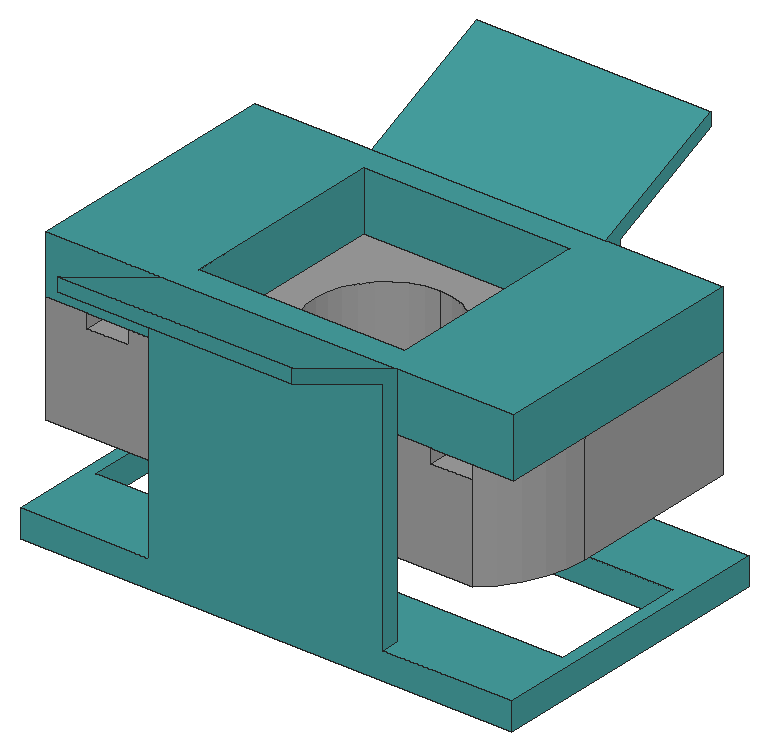
Revit family "HVAC_HangingSystems_Walraven_BIS_RapidStrut_Slide_Nut_with_Plastic_Tabs_(BUP1000)", category Mechanical Equipment, Revit 2016
Family settings
  Part Type = Normal
  Round Connector Dimension = Use Diameter
  OmniClass Number = 23.60.30.11.17
  OmniClass Title = Pipework/Ductwork Mechanical Fasteners/Supports
  Work Plane-Based = Yes
  Always vertical = No
  Cut with Voids When Loaded = No
  Shared = No
  Room Calculation Point = No
Parameters (values of type "M10")
  type_index = 3
  s [instance] = size_lookup(lookup_table_name, "s", 0 mm, type_index)  # 8 mm
  region_index = 1  # constant formula
  product_index [instance] = size_lookup(lookup_table_name, "pi", 0, type_index, M)  # 203
  lookup_table_name [instance] = "BIS RapidStrut Slide Nut with Plastic Tabs (BUP1000)"  # constant formula
  l_groove [instance] = 31 mm  # constant formula
  desc_uk [instance] = if(product_index = 204, "BIS RapidStrut Slide Nut with Plastic Tabs (BUP1000) M12", if(product_index = 203, "BIS RapidStrut Slide Nut with Plastic Tabs (BUP1000) M10", if(product_index = 202, "BIS RapidStrut Slide Nut with Plastic Tabs (BUP1000) M8", if(product_index = 201, "BIS RapidStrut Slide Nut with Plastic Tabs (BUP1000) M6", "0"))))  # "BIS RapidStrut Slide Nut with Plastic Tabs (BUP1000) M10"
  desc_nl [instance] = if(product_index = 204, "BIS RapidStrut Vleugelschuifmoer (BUP1000) M12", if(product_index = 203, "BIS RapidStrut Vleugelschuifmoer (BUP1000) M10", if(product_index = 202, "BIS RapidStrut Vleugelschuifmoer (BUP1000) M8", if(product_index = 201, "BIS RapidStrut Vleugelschuifmoer (BUP1000) M6", "0"))))  # "BIS RapidStrut Vleugelschuifmoer (BUP1000) M10"
  b_groove [instance] = 3 mm  # constant formula
  b1 [instance] = 12.5 mm  # constant formula
  Youtube clip = ""
  Weight Net (Kg) = "0"
  Uniformat II Description = ""
  Uniformat II Code = ""
  Uniclass 2015 Name = ""
  Uniclass 2015 Code = ""
  Uniclass 2.0 Description = ""
  Uniclass 2.0 Code = ""
  Uniclass 1.4 Description = ""
  Uniclass 1.4 Code = ""
  URL = "https://www.walraven.com/en/?pid=2288"
  UNSPSC Code = ""
  Technical description = "https://library.walraven.com/repository/rnd/documents/EN-UK/BIS%20RapidStrut%C2%AE%20Slide%20Nut%20with%20Plastic%20Tabs%20(BUP1000)%20-%20H%2024%2035%20(EN-UK).pdf"
  Region South America = "None"
  Region Oceania = "AU"
  Region North America = "US"
  Region Middle East = "AE, OM, QA, SA"
  Region Europe = "BE, CZ, DE, DK, ES, FR, GB, HR, HU, LT, LV, NL, NO, PL, RO, RU, SE, SK, UA"
  Region Asia = "CN, IN"
  Region Antarctica = "None"
  Region Africa = "ZA"
  RSen_S_max_allowed_load [instance] = size_lookup(lookup_table_name, "load", 0 mm, type_index) / 1 mm  # 9500
  RSen_S_max_torque [instance] = size_lookup(lookup_table_name, "torque", 0 mm, type_index) / 1 mm  # 15
  RSen_S_net_weight [instance] = size_lookup(lookup_table_name, "weight", 0 mm, type_index) / 1 mm * 1.00 kg  # 0.038 kg
  RSen_C_product_description [instance] = if(region_index = 1, desc_uk, if(region_index = 2, desc_nl, "0"))  # "BIS RapidStrut Slide Nut with Plastic Tabs (BUP1000) M10"
  QR code = "http://bimobject.com/walraven/product/bis-rapidstrut-slide-nut-with-plastic-tabs-bup1000"
  Product url = "https://www.walraven.com/en/?pid=2288"
  Product group = "Slide Nuts"
  Product family = "Rail Systems"
  Product data url = "https://bimobject.com/walraven/product/bis-rapidstrut-slide-nut-with-plastic-tabs-bup1000"
  Product certification = ""
  Product SKU = "bis-rapidstrut-slide-nut-with-plastic-tabs-bup1000"
  Product Guid = "ebcee931-a172-4643-a88d-50364ce17fa8"
  OmniClass Description = "Mechanical Pipe Supports"
  OmniClass Code = "23-27 43 13"
  Nominal width = 0 mm
  Nominal height = 0 mm
  NLRS_C_niveau_ontwikkeling = "LOD400"  # constant formula
  RSen_C_material_colour = "grey+green"  # constant formula
  RSen_C_material_finish = "BIS UltraProtect® 1000"  # constant formula
  RSen_C_material_01 = polypropylene (PE)
  RSen_C_material = steel
  RSen_C_length [instance] = 35.7 mm  # constant formula
  RSen_C_height [instance] = 24 mm  # constant formula
  RSen_C_content_releasedate = "04-06-2018"  # constant formula
  RSen_C_content_modification_date = "04-06-2018"  # constant formula
  RSen_C_content_creator = "Itannex bv"  # constant formula
  RSen_C_code_gtin [instance] = ""
  RSen_C_code_manufacturer_product [instance] = if(product_index = 204, "651868012", if(product_index = 203, "651868010", if(product_index = 202, "651868008", if(product_index = 201, "651868006", "0"))))  # "651868010"
  RSen_C_code_manufacturer_gln = ""
  NLRS_C_code_SfB_tabel1 = "50"  # constant formula
  NLRS_C_code_STABU = ""
  RSen_C_code_ETIM_url = "https://prod.etim-international.com/Class/Details?classId=EC000096&classVersion=5"
  RSen_C_code_ETIM = "EC000096"  # constant formula
  RSen_C_intended_use = "hanging systems"  # constant formula
  RSen_C_certificates = "N/A"  # constant formula
  RSen_C_width [instance] = 21.5 mm  # constant formula
  NBS Reference Description = ""
  NBS Reference Code = ""
  Model = "BIS RapidStrut Slide Nut with Plastic Tabs (BUP1000)"  # constant formula
  Material secondary = "Polypropylene"
  Material main = "Steel"
  Masterformat 2014 Description = ""
  Masterformat 2014 Code = ""
  Manufacturer name = "Walraven"
  Manufacturer country = "Netherlands"
  Manufacturer = "Walraven"  # constant formula
  M [instance] = size_lookup(lookup_table_name, "M", 0, type_index)  # 10
  L1 [instance] = 34 mm  # constant formula
  IsCustom [instance] = 0 = 1  # no
  Installation instructions = ""
  IfcExportType = "USERDEFINED"  # constant formula
  IfcExportAs = "IfcMechanicalFastenerType"  # constant formula
  IfcDescription = Description  # "slide nut with plastic tabs"
  IFC Classification = "Mechanical Fastener"
  H1 [instance] = 7.5 mm  # constant formula
  GTIN code = ""
  Edition number = 0
  Design country = "Netherlands"
  Description = "slide nut with plastic tabs"  # constant formula
  Default Elevation = 2 mm
  Date of publishing = "7/20/2018"
  D [instance] = if(M = 6, 6 mm, if(M = 8, 8 mm, if(M = 10, 10 mm, if(M = 12, 12 mm, 0 mm))))  # 10 mm
  COBIe Type Category = ""
  Brand url = "https://www.walraven.com"
  BIMobject main category code = "hvac"
  BIMobject main category = "HVAC"
  BIMobject category code = "hvac-hanging-systems"
  BIMobject category = "Hanging Systems"
  B1 [instance] = 19 mm  # constant formula
  Assembly Code = "50"
Types (4, lengths in mm): name | type_index | s | product_index | desc_uk | desc_nl | RSen_S_max_allowed_load | RSen_S_max_torque | RSen_S_net_weight | RSen_C_product_description | RSen_C_code_manufacturer_product | M | Default Elevation | D
  M12 | 4 | 9 | 204 | "BIS RapidStrut Slide Nut with Plastic Tabs (BUP1000) M12" | "BIS RapidStrut Vleugelschuifmoer (BUP1000) M12" | 10000 | 30 | 0.042 kg | "BIS RapidStrut Slide Nut with Plastic Tabs (BUP1000) M12" | "651868012" | 12 | 1219.2 | 12
  M10 | 3 | 8 | 203 | "BIS RapidStrut Slide Nut with Plastic Tabs (BUP1000) M10" | "BIS RapidStrut Vleugelschuifmoer (BUP1000) M10" | 9500 | 15 | 0.038 kg | "BIS RapidStrut Slide Nut with Plastic Tabs (BUP1000) M10" | "651868010" | 10 | 2 | 10
  M8 | 2 | 6 | 202 | "BIS RapidStrut Slide Nut with Plastic Tabs (BUP1000) M8" | "BIS RapidStrut Vleugelschuifmoer (BUP1000) M8" | 6000 | 15 | 0.034 kg | "BIS RapidStrut Slide Nut with Plastic Tabs (BUP1000) M8" | "651868008" | 8 | 1219.2 | 8
  M6 | 1 | 5 | 201 | "BIS RapidStrut Slide Nut with Plastic Tabs (BUP1000) M6" | "BIS RapidStrut Vleugelschuifmoer (BUP1000) M6" | 5300 | 7.5 | 0.029 kg | "BIS RapidStrut Slide Nut with Plastic Tabs (BUP1000) M6" | "651868006" | 6 | 1219.2 | 6
Reference planes
  plane 1 "Center (Front/Back)": y = 0
  plane 2: z = 0
  plane 3 "Center (Left/Right)": x = 0
  plane 4: y = 9.5
  plane 5: y = -9.5
  plane 6: x = -17
  plane 7: x = 17
  plane 8 "schuifmoer": z = 8
  plane 9: z = -7.5
  plane 10: z = 16.5
Forms (mm)
  Extrusion 1, solid, material "steel" <- "RSen_C_material", detail levels medium+fine
    sketch origin (0, 0, 7.5) x (0, -1, 0) y (1, 0, 0)
      loop
        arc (-9.5, -14) -> (-6.579, -16.214) -> (-3, -17) r 8.542
        line (-3, -17) -> (9.5, -17) -> (9.5, 14)
        arc (9.5, 14) -> (6.579, 16.214) -> (3, 17) r 8.542
        line (3, 17) -> (-9.5, 17) -> (-9.5, -14)
      loop
        circle (0, 0) r 5
    from -7.5 to 0.5
  Extrusion 2, void
    sketch origin (0, 0, 8) x (0, -1, 0) y (1, 0, 0)
      loop
        circle (0, 0) r 5
    from 0 to -8
  Extrusion 3, void
    sketch origin (0, 0, 0) x (1, 0, 0) y (0, 1, 0)
      loop
        line (-14, 9.5) -> (-14, -9.5) -> (-11, -9.5) -> (-11, 9.5) -> (-14, 9.5)
      loop
        line (11, 9.5) -> (11, -9.5) -> (14, -9.5) -> (14, 9.5) -> (11, 9.5)
    from 7 to 8
  Extrusion 4, solid, material "polypropylene (PE)" <- "RSen_C_material_01", detail levels medium+fine
    sketch origin (0, 0, 0) x (1, 0, 0) y (0, 1, 0)
      loop
        line (-17.85, 10.75) -> (-17.85, -10.75) -> (17.85, -10.75) -> (17.85, 10.75) -> (-17.85, 10.75)
      loop
        line (-17, 5) -> (-17, -5) -> (17, -5) -> (17, 5) -> (-17, 5)
    from -7.5 to -5.5
  Extrusion 5, solid, material "polypropylene (PE)" <- "RSen_C_material_01", detail levels medium+fine
    sketch origin (0, 0, 0) x (1, 0, 0) y (0, 1, 0)
      loop
        line (-8.5, 10.75) -> (-8.5, 9.5) -> (8.5, 9.5) -> (8.5, 10.75) -> (-8.5, 10.75)
      loop
        line (-8.5, -9.5) -> (-8.5, -10.75) -> (8.5, -10.75) -> (8.5, -9.5) -> (-8.5, -9.5)
    from -7.5 to 12.25
  Extrusion 6, solid, material "polypropylene (PE)" <- "RSen_C_material_01", detail levels medium+fine
    sketch origin (0, 0, 0) x (0, 1, 0) y (0, 0, 1)
      loop
        line (9.5, 12.25) -> (-9.5, 12.25) -> (-19, 16.5) -> (-19, 15.5) -> (-9.5, 11.25) -> (-9.5, 8) -> (9.5, 8) -> (9.5, 11.25) -> (19, 15.5) -> (19, 16.5) -> (9.5, 12.25)
    from -17 to 17
  Extrusion 7, void
    sketch origin (0, 0, 0) x (1, 0, 0) y (0, 1, 0)
      loop
        line (-7.5, 7.5) -> (-7.5, -7.5) -> (7.5, -7.5) -> (7.5, 7.5) -> (-7.5, 7.5)
    from 8 to 12.25
  Extrusion 8, void
    sketch origin (0, 0, 0) x (1, 0, 0) y (0, 1, 0)
      loop
        line (-8.5, -19) -> (-8.5, -9.5) -> (-17, -9.5) -> (-17, -19) -> (-8.5, -19)
      loop
        line (17, -19) -> (17, -9.5) -> (8.5, -9.5) -> (8.5, -19) -> (17, -19)
      loop
        line (-17, 19) -> (-17, 9.5) -> (-8.5, 9.5) -> (-8.5, 19) -> (-17, 19)
      loop
        line (17, 19) -> (8.5, 19) -> (8.5, 9.5) -> (17, 9.5) -> (17, 19)
    from 8 to 16.5
Cuts and joins
  Extrusion 2, Extrusion 3 cuts Extrusion 1
  Extrusion 7, Extrusion 8 cuts Extrusion 6
  joined: Extrusion 4, Extrusion 5, Extrusion 6
Lines and regions (mm)
  model lines, style "Equipment", detail levels coarse+medium
    curve 1: line (-17, 0, 0) -> (17, 0, 0)
    curve 2: line (0, 0, 8) -> (0, 0, 0)
Dimensions and locks
  equal spacing: plane 4, plane 1 "Center (Front/Back)", plane 5
  equal spacing: plane 6, plane 3 "Center (Left/Right)", plane 7
  "L1": plane 6 to plane 7
  "s": plane 8 "schuifmoer" to level
  locked: Extrusion 2 sketch curve to plane 3 "Center (Left/Right)" at 0
  locked: Extrusion 2 sketch curve to plane 1 "Center (Front/Back)"
  plane 8 "schuifmoer" to Extrusion 1 = 0 mm
  plane 8 "schuifmoer" to Extrusion 2 = 0 mm
  "B1": plane 4 to plane 5
  "b_groove": Extrusion 3 sketch curve to Extrusion 3 sketch curve  (x2)
  locked: plane 8 "schuifmoer" to Extrusion 3 at 1
  "b1": plane 5 to Extrusion 1 sketch curve
  "b1": plane 4 to Extrusion 1 sketch curve
  "l_groove": Extrusion 1 sketch curve to plane 7
  "l_groove": plane 6 to Extrusion 1 sketch curve
  "l_groove": Extrusion 3 sketch curve to plane 7
  "l_groove": plane 6 to Extrusion 3 sketch curve
  "H1": plane 2 to plane 9
  "RSen_C_height": plane 10 to plane 9
  equal spacing: Extrusion 4 sketch curve, plane 1 "Center (Front/Back)", Extrusion 4 sketch curve
  equal spacing: Extrusion 4 sketch curve, plane 3 "Center (Left/Right)", Extrusion 4 sketch curve
  "RSen_C_length": Extrusion 4 sketch curve to Extrusion 4 sketch curve
  "RSen_C_width": Extrusion 4 sketch curve to Extrusion 4 sketch curve
  equal spacing: Extrusion 5 sketch curve, plane 3 "Center (Left/Right)", Extrusion 5 sketch curve  (x2)
  equal spacing: Extrusion 5 sketch curve, plane 1 "Center (Front/Back)", Extrusion 5 sketch curve
  "RSen_C_width": Extrusion 5 sketch curve to Extrusion 5 sketch curve
  equal spacing: plane 6, Extrusion 5 sketch curve, plane 3 "Center (Left/Right)"  (x2)
  equal spacing: plane 10, Extrusion 6 sketch curve, plane 8 "schuifmoer"
  equal spacing: Extrusion 6 sketch curve, plane 4, plane 1 "Center (Front/Back)"
  equal spacing: plane 1 "Center (Front/Back)", plane 5, Extrusion 6 sketch curve
  locked: Extrusion 6 sketch curve to Extrusion 6 sketch curve at 1
  Extrusion 6 sketch curve to Extrusion 6 sketch curve = 1 mm
  plane 10 to Extrusion 5 to plane 8 "schuifmoer" = 4.25 mm, 4.25 mm
  equal spacing: plane 3 "Center (Left/Right)", Extrusion 8 sketch curve, plane 7  (x2)
  equal spacing: plane 6, Extrusion 8 sketch curve, plane 3 "Center (Left/Right)"  (x2)
  equal spacing: plane 1 "Center (Front/Back)", plane 5, Extrusion 8 sketch curve
  equal spacing: plane 1 "Center (Front/Back)", plane 4, Extrusion 8 sketch curve
  plane 3 "Center (Left/Right)" to Extrusion 8 = 8.5 mm
  cut or joined group of Extrusion 4, Extrusion 5, Extrusion 6, Extrusion 7, Extrusion 8 to plane 9 = 2 mm
  locked: plane 1 "Center (Front/Back)" to Extrusion 7 sketch curve at 7.5
  locked: Extrusion 7 sketch curve to plane 1 "Center (Front/Back)" at 7.5
  locked: Extrusion 7 sketch curve to plane 3 "Center (Left/Right)" at 7.5
  locked: plane 3 "Center (Left/Right)" to Extrusion 7 sketch curve at 7.5
  locked: plane 1 "Center (Front/Back)" to Extrusion 4 sketch curve at 5
  locked: Extrusion 4 sketch curve to plane 1 "Center (Front/Back)" at 5
  "D": diameter of Extrusion 2 sketch curve
  "D": diameter of Extrusion 1 sketch curve
  aligned and locked: level to plane 2
  aligned and locked: Extrusion 1 sketch curve to plane 6
  aligned and locked: Extrusion 1 sketch curve to plane 7
  aligned and locked: Extrusion 1 to Extrusion 2
  aligned and locked: plane 1 "Center (Front/Back)" to curve 1
  aligned and locked: plane 2 to curve 2
  aligned and locked: curve 2 to plane 3 "Center (Left/Right)"
  aligned and locked: Extrusion 1 to level
  aligned and locked: Extrusion 1 to plane 8 "schuifmoer"
  aligned and locked: Extrusion 2 to level
  aligned and locked: plane 8 "schuifmoer" to curve 2
  aligned and locked: Extrusion 1 sketch curve to plane 4
  aligned and locked: Extrusion 1 sketch curve to plane 5
  aligned and locked: Extrusion 3 sketch curve to plane 5  (x2)
  aligned and locked: Extrusion 3 sketch curve to plane 4  (x2)
  aligned and locked: Extrusion 3 to plane 8 "schuifmoer"
  aligned and locked: plane 7 to curve 1
  aligned and locked: plane 6 to curve 1
  aligned and locked: plane 4 to Extrusion 5 sketch curve
  aligned and locked: plane 5 to Extrusion 5 sketch curve
  aligned and locked: Extrusion 5 to plane 9
  aligned and locked: Extrusion 4 to plane 9
  aligned and locked: Extrusion 6 sketch curve to plane 8 "schuifmoer"
  aligned and locked: plane 10 to Extrusion 6 sketch curve  (x2)
  aligned and locked: Extrusion 6 to plane 6
  aligned and locked: Extrusion 6 to plane 7
  aligned and locked: plane 8 "schuifmoer" to Extrusion 7
  aligned and locked: plane 6 to Extrusion 8 sketch curve  (x2)
  aligned and locked: plane 7 to Extrusion 8 sketch curve
  aligned and locked: plane 5 to Extrusion 8 sketch curve  (x2)
  aligned and locked: Extrusion 8 sketch curve to plane 7
  aligned and locked: plane 4 to Extrusion 8 sketch curve
  aligned and locked: Extrusion 8 sketch curve to plane 4
  aligned and locked: plane 8 "schuifmoer" to Extrusion 8
  aligned and locked: plane 6 to Extrusion 4 sketch curve
  aligned and locked: plane 7 to Extrusion 4 sketch curve
  aligned and locked: Extrusion 5 to Extrusion 7
  aligned and locked: Extrusion 6 to Extrusion 7
  aligned and locked: plane 10 to Extrusion 8
Automatic sketch dimensions
  Extrusion 6 sketch curve to plane 5 = 0 mm  (x2)
  Extrusion 6 sketch curve to plane 4 = 0 mm  (x2)
  Extrusion 6 sketch curve to plane 10 = 1 mm  (x2)
  Extrusion 8 sketch curve to Extrusion 8 sketch curve = 0 mm  (x2)
  plane 1 "Center (Front/Back)" to Extrusion 1 sketch curve = 0 mm
  Extrusion 1 sketch curve to plane 3 "Center (Left/Right)" = 0 mm
